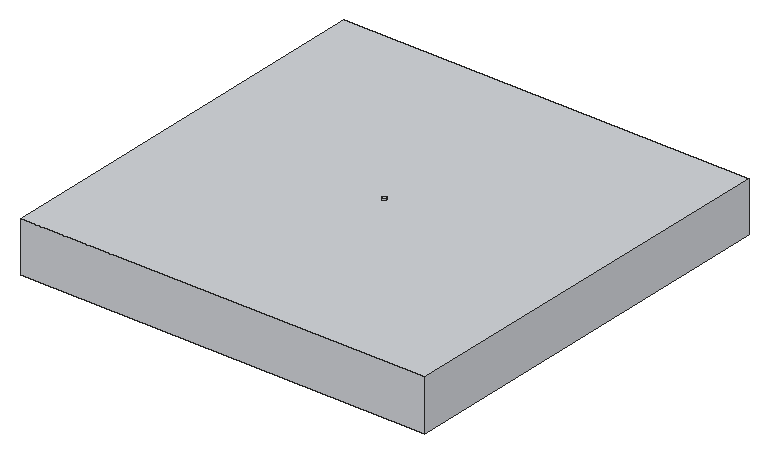
Revit family "M_Equipamento elétrico - Conector da alimentação equilibrada", category Equipamento elétrico, Revit 2019
Family settings
  Hospedeiro = Face
  Configuração do painel = Duas colunas, circuitos transversais
  Cota do conector redondo = Utilizar diâmetro
  Tipo de parte = Painel de controle
  Número OmniClass = 23.80.30.11.17
  Título OmniClass = Distribution Boards and Control Panels
  ID de item do Seek = Electrical Equipment - Balanced Power Connector-0000-CAN-ENU
  Corte com vazios quando carregada = Não
  Compartilhado = Não
  Ponto de cálculo do ambiente = Não
Parameters (values of type "480 V")
  Espessura = 3.2 mm
  Raio = 0.5 * Diâmetro  # 12.7 mm
  Classificação de carga = Outros
  Diâmetro = 25.4 mm
  Elevação-padrão = 1200 mm
  Voltagem do conector = 480 V
  Número de pólos do conector = 3
Types (6, lengths in mm): name | Espessura | Voltagem do conector | Número de pólos do conector
  (no name) | 3.2 | 480 V | 3
  120 V | 3.175 | 120 V | 1
  208 V | 3.175 | 208 V | 3
  277 V | 3.175 | 277 V | 1
  240 V | 3.175 | 240 V | 2
  480 V | 3.2 | 480 V | 3
Reference planes
  plane 1 "Centro (Frente/Trás)": y = 0
  plane 2: z = 0
  plane 3 "Centro (Esquerda/Direita)": x = 0
  plane 4: z = 3.2
Forms (mm)
  Extrusion 1, solid
    sketch origin (0, 0, 0) x (1, 0, 0) y (0, 1, 0)
      loop
        line (-1219.2, 1219.2) -> (-1219.2, -1219.2) -> (1219.2, -1219.2) -> (1219.2, 1219.2) -> (-1219.2, 1219.2)
    from 0 to -304.8
  Extrusion 2, solid
    sketch origin (0, 0, 0) x (1, 0, 0) y (0, 1, 0)
      loop
        circle (0, 0) r 12.7
    from 0 to 3.2
Dimensions and locks
  "Espessura": plane 4 to level
  "Raio": radius of Extrusion 2 sketch curve
  aligned and locked: plane 2 to Extrusion 1
  aligned and locked: level to Extrusion 1
  aligned and locked: plane 4 to Extrusion 2
  aligned and locked: plane 1 "Centro (Frente/Trás)" to Extrusion 2 sketch curve
  aligned and locked: plane 3 "Centro (Esquerda/Direita)" to Extrusion 2 sketch curve
Automatic sketch dimensions
  Extrusion 1 sketch curve to Extrusion 1 sketch curve = 2438.4 mm  (x2)
Connectors
  electrical at (0, 0, 3.2), driven by "Número de pólos do conector", driven by "Voltagem do conector", driven by "Classificação de carga"
    settings: on Extrusion 2, index 1, voltage 480 V, apparent load 0 VA, apparent load phase1 0 VA, apparent load phase2 0 VA, apparent load phase3 0 VA, power factor 1, load classification "Outros", number of poles 3, system type 30, power factor state 1, is connector primary yes, connector utility no, sub classification motor no, connector description ""
